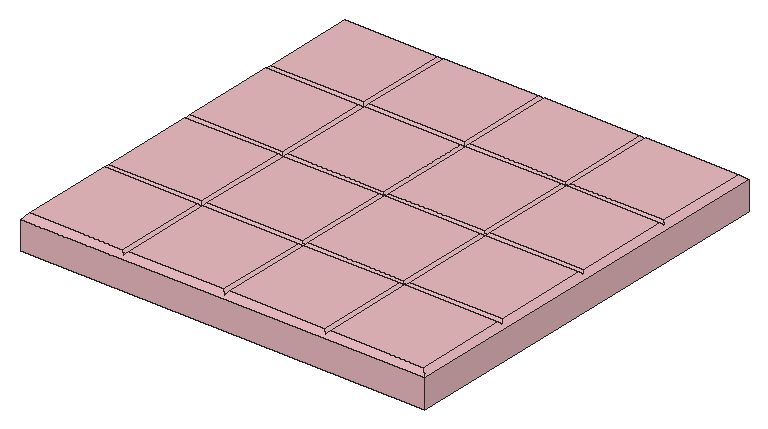
Revit family "GRID 2ft x 2ft", category Specialty Equipment, Revit 2023
Family settings
  Round Connector Dimension = Use Diameter
  Part Type = Normal
  OmniClass Number = 23.35.00.00
  OmniClass Title = Covering, Cladding, and Finishes
  Work Plane-Based = Yes
  Enable Cutting in Views = Yes
  Always vertical = No
  Cut with Voids When Loaded = No
  Maintain Annotation Orientation = No
  Shared = No
  Room Calculation Point = No
Parameters (values of type "2 INCH THICK - CUSTOM PAINTED - STANDARD")
  URL = "https://www.acousticalsurfaces.com/envirocoustic-wood-wool/designs/"
  Type Comments = "Acoustic panels for vertical and horizontal surfaces"
  Thickness = 0' - 2"
  Recycled Content Percentage = "0%"
  Model = "Envirocoustic Wood Wool"
  Material = "Envirocoustic Wood Wool"
  Manufacturer = "Acoustical Surfaces, Inc."
  Fire Rating = "ASTM E84 - Class A"
  Finish = Paint - Acoustical-Surfaces - Custom Painted
  Description = "Acoustic Panels"
  Default Elevation = 0' - 0"
  Backer Thickness = 0' - 1"
  Backer = no
  Assembly Code = "C30"
  Acoustics - NRC = "Sound absorption varies from NRC 0.45 to 0.95 based on installation method used when tested per ASTM C423."
Types (27): name | Thickness | Finish | Backer Thickness | Backer
  2 INCH THICK - CUSTOM PAINTED - STANDARD | 0' - 2" | Paint - Acoustical-Surfaces - Custom Painted | 0' - 1" | no
  2 INCH THICK - PRIMED WHITE - STANDARD | 0' - 2" | Paint - Acoustical-Surfaces - Primed White | 0' - 1" | no
  2 INCH THICK - PRIMED CLEAR - STANDARD | 0' - 2" | Paint - Acoustical-Surfaces - Primed Clear | 0' - 1" | no
  2 INCH THICK - PRIMED WHITE - 2 INCH CFAB BACKER | 0' - 2" | Paint - Acoustical-Surfaces - Primed White | 0' - 2" | yes
  2 INCH THICK - PRIMED WHITE - 1 INCH CFAB BACKER | 0' - 2" | Paint - Acoustical-Surfaces - Primed White | 0' - 1" | yes
  2 INCH THICK - PRIMED CLEAR - 2 INCH CFAB BACKER | 0' - 2" | Paint - Acoustical-Surfaces - Primed Clear | 0' - 2" | yes
  2 INCH THICK - PRIMED CLEAR - 1 INCH CFAB BACKER | 0' - 2" | Paint - Acoustical-Surfaces - Primed Clear | 0' - 1" | yes
  2 INCH THICK - CUSTOM PAINTED - 2 INCH CFAB BACKER | 0' - 2" | Paint - Acoustical-Surfaces - Custom Painted | 0' - 2" | yes
  2 INCH THICK - CUSTOM PAINTED - 1 INCH CFAB BACKER | 0' - 2" | Paint - Acoustical-Surfaces - Custom Painted | 0' - 1" | yes
  1-3/8 INCH THICK - CUSTOM PAINTED - STANDARD | 0' - 1 3/8" | Paint - Acoustical-Surfaces - Custom Painted | 0' - 1" | no
  1-3/8 INCH THICK - PRIMED WHITE - STANDARD | 0' - 1 3/8" | Paint - Acoustical-Surfaces - Primed White | 0' - 1" | no
  1-3/8 INCH THICK - PRIMED CLEAR - STANDARD | 0' - 1 3/8" | Paint - Acoustical-Surfaces - Primed Clear | 0' - 1" | no
  1-3/8 INCH THICK - PRIMED WHITE - 2 INCH CFAB BACKER | 0' - 1 3/8" | Paint - Acoustical-Surfaces - Primed White | 0' - 2" | yes
  1-3/8 INCH THICK - PRIMED WHITE - 1 INCH CFAB BACKER | 0' - 1 3/8" | Paint - Acoustical-Surfaces - Primed White | 0' - 1" | yes
  1-3/8 INCH THICK - PRIMED CLEAR - 2 INCH CFAB BACKER | 0' - 1 3/8" | Paint - Acoustical-Surfaces - Primed Clear | 0' - 2" | yes
  1-3/8 INCH THICK - PRIMED CLEAR - 1 INCH CFAB BACKER | 0' - 1 3/8" | Paint - Acoustical-Surfaces - Primed Clear | 0' - 1" | yes
  1-3/8 INCH THICK - CUSTOM PAINTED - 2 INCH CFAB BACKER | 0' - 1 3/8" | Paint - Acoustical-Surfaces - Custom Painted | 0' - 2" | yes
  1-3/8 INCH THICK - CUSTOM PAINTED - 1 INCH CFAB BACKER | 0' - 1 3/8" | Paint - Acoustical-Surfaces - Custom Painted | 0' - 1" | yes
  1 INCH THICK - CUSTOM PAINTED - STANDARD | 0' - 1" | Paint - Acoustical-Surfaces - Custom Painted | 0' - 1" | no
  1 INCH THICK - PRIMED WHITE - STANDARD | 0' - 1" | Paint - Acoustical-Surfaces - Primed White | 0' - 1" | no
  1 INCH THICK - PRIMED CLEAR - STANDARD | 0' - 1" | Paint - Acoustical-Surfaces - Primed Clear | 0' - 1" | no
  1 INCH THICK - PRIMED WHITE - 2 INCH CFAB BACKER | 0' - 1" | Paint - Acoustical-Surfaces - Primed White | 0' - 2" | yes
  1 INCH THICK - PRIMED WHITE - 1 INCH CFAB BACKER | 0' - 1" | Paint - Acoustical-Surfaces - Primed White | 0' - 1" | yes
  1 INCH THICK - PRIMED CLEAR - 2 INCH CFAB BACKER | 0' - 1" | Paint - Acoustical-Surfaces - Primed Clear | 0' - 2" | yes
  1 INCH THICK - PRIMED CLEAR - 1 INCH CFAB BACKER | 0' - 1" | Paint - Acoustical-Surfaces - Primed Clear | 0' - 1" | yes
  1 INCH THICK - CUSTOM PAINTED - 2 INCH CFAB BACKER | 0' - 1" | Paint - Acoustical-Surfaces - Custom Painted | 0' - 2" | yes
  1 INCH THICK - CUSTOM PAINTED - 1 INCH CFAB BACKER | 0' - 1" | Paint - Acoustical-Surfaces - Custom Painted | 0' - 1" | yes
Reference planes (in)
  plane 1 "Center (Front/Back)": y = 0
  plane 2: z = 0
  plane 3 "Center (Left/Right)": x = 0
  plane 4: x = -12
  plane 5: x = 12
  plane 6: y = 12
  plane 7: y = -12
  plane 8: z = 2
  plane 9: z = -1
Forms (in)
  Extrusion 1, solid, material "Paint - Acoustical-Surfaces - Custom Painted" <- "Finish"
    sketch origin (0, 0, 0) x (1, 0, 0) y (0, 1, 0)
      loop
        line (12, 12) -> (-12, 12) -> (-12, -12) -> (12, -12) -> (12, 12)
    from 0 to 2
  Sweep 2, void
    path in 3D
      loop
        line (12, 12, 2) -> (-12, 12, 2) -> (-12, -12, 2) -> (12, -12, 2) -> (12, 12, 2)
    profile "Triangle : Family2" origin (12, 0, 2) x (-1, 0, 0) y (0, 0, 1)
      loop
        line (0, 0) -> (0, -0.315) -> (0.315, 0) -> (0, 0)
  Extrusion 3, solid, visible <- "Backer"
    sketch origin (0, 0, 0) x (1, 0, 0) y (0, 1, 0)
      loop
        line (12, 12) -> (-12, 12) -> (-12, -12) -> (12, -12) -> (12, 12)
    from 0 to -1
  Sweep 4, void
    path origin (0, 0, 2) x (1, 0, 0) y (0, 1, 0)
      loop
        line (-6.00002, 12) -> (-6.00002, -12)
    profile "Groove : Family2" origin (-6.00002, 0, 2) x (1, 0, 0) y (0, 0, 1)
      loop
        line (-0.1575, 0) -> (0, -0.1575) -> (0.1575, 0) -> (-0.1575, 0)
  Sweep 5, void
    path origin (6.00002, 0, 2) x (1, 0, 0) y (0, 1, 0)
      loop
        line (-6.00002, 12) -> (-6.00002, -12)
    profile "Groove : Family2" origin (0, 0, 2) x (1, 0, 0) y (0, 0, 1)
      loop
        line (-0.1575, 0) -> (0, -0.1575) -> (0.1575, 0) -> (-0.1575, 0)
  Sweep 6, void
    path origin (12.00004, 0, 2) x (1, 0, 0) y (0, 1, 0)
      loop
        line (-6.00002, 12) -> (-6.00002, -12)
    profile "Groove : Family2" origin (6.00002, 0, 2) x (1, 0, 0) y (0, 0, 1)
      loop
        line (-0.1575, 0) -> (0, -0.1575) -> (0.1575, 0) -> (-0.1575, 0)
  Sweep 7, void
    path origin (0, 0, 2) x (1, 0, 0) y (0, 1, 0)
      loop
        line (12, 6) -> (-12, 6)
    profile "Groove : Family2" origin (0, 6, 2) x (0, -1, 0) y (0, 0, 1)
      loop
        line (-0.1575, 0) -> (0, -0.1575) -> (0.1575, 0) -> (-0.1575, 0)
  Sweep 8, void
    path origin (0, -6, 2) x (1, 0, 0) y (0, 1, 0)
      loop
        line (12, 6) -> (-12, 6)
    profile "Groove : Family2" origin (0, 0, 2) x (0, -1, 0) y (0, 0, 1)
      loop
        line (-0.1575, 0) -> (0, -0.1575) -> (0.1575, 0) -> (-0.1575, 0)
  Sweep 9, void
    path origin (0, -12, 2) x (1, 0, 0) y (0, 1, 0)
      loop
        line (12, 6) -> (-12, 6)
    profile "Groove : Family2" origin (0, -6, 2) x (0, -1, 0) y (0, 0, 1)
      loop
        line (-0.1575, 0) -> (0, -0.1575) -> (0.1575, 0) -> (-0.1575, 0)
Cuts and joins
  Sweep 2, Sweep 4, Sweep 5, Sweep 6, Sweep 7, Sweep 8, Sweep 9 cuts Extrusion 1
Lines and regions (in)
  sketch lines
    curve 1: line (12, -12, 2) -> (12, 12, 2)
    curve 2: line (-12, -12, 2) -> (12, -12, 2)
    curve 3: line (-12, 12, 2) -> (-12, -12, 2)
    curve 4: line (12, 12, 2) -> (-12, 12, 2)
Dimensions and locks (in)
  equal spacing: plane 4, plane 3 "Center (Left/Right)", plane 5
  equal spacing: plane 7, plane 1 "Center (Front/Back)", plane 6
  plane 7 to plane 6 = 2' - 0"
  locked: plane 4 to plane 5 at 24
  "Thickness": plane 8 to level
  "Backer Thickness": level to plane 9
  aligned and locked: level to plane 2
  aligned and locked: Extrusion 1 sketch curve to plane 4
  aligned and locked: plane 5 to Extrusion 1 sketch curve
  aligned and locked: Extrusion 1 sketch curve to plane 6
  aligned and locked: Extrusion 1 sketch curve to plane 7
  aligned and locked: Extrusion 1 to plane 8
  aligned and locked: Extrusion 3 sketch curve to plane 4
  aligned and locked: plane 5 to Extrusion 3 sketch curve
  aligned and locked: Extrusion 3 sketch curve to plane 6
  aligned and locked: Extrusion 3 sketch curve to plane 7
  aligned and locked: plane 9 to Extrusion 3
Automatic sketch dimensions
  Extrusion 1 to Sweep 4 sketch curve = 0' - 0"
  Sweep 4 sketch curve to Extrusion 1 = 0' - 0"
  Sweep 4 sketch curve to Extrusion 1 = 0' - 6"
  Extrusion 1 to Sweep 5 sketch curve = 0' - 0"
  Sweep 5 sketch curve to Extrusion 1 = 0' - 0"
  Sweep 5 sketch curve to Extrusion 1 = 1' - 0"
  Extrusion 1 to Sweep 6 sketch curve = 0' - 0"
  Sweep 6 sketch curve to Extrusion 1 = 0' - 0"
  Sweep 6 sketch curve to Extrusion 1 = 0' - 5.99998"
  Sweep 7 sketch curve to Extrusion 1 = 0' - 0"  (x2)
  Sweep 7 sketch curve to Extrusion 1 = 0' - 6"
  Sweep 8 sketch curve to Extrusion 1 = 0' - 0"  (x2)
  Sweep 8 sketch curve to Extrusion 1 = 1' - 0"
  Sweep 9 sketch curve to Extrusion 1 = 0' - 0"  (x2)
  Sweep 9 sketch curve to Extrusion 1 = 0' - 6"
